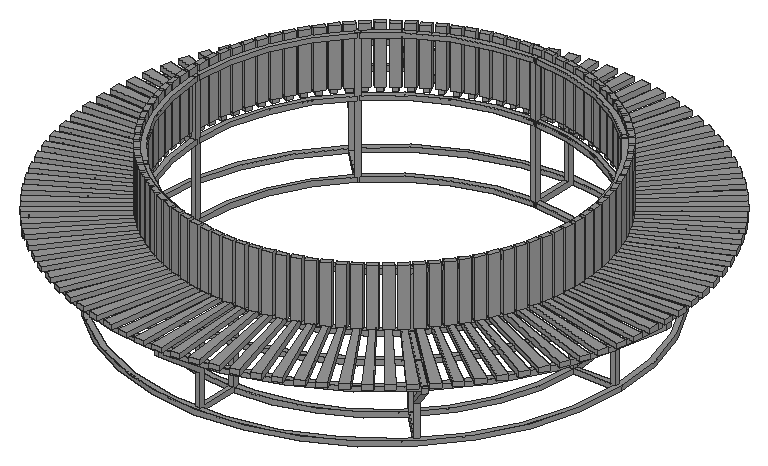
Revit family "Скамейка стальная «Диван круглый» Арт 11354", category Антураж, Revit 2018 (continued)
Definition of nested family "Скамейка стальная «Диван круглый» Арт 11354 Боярд"
  Forms (mm)
    Extrusion 17, solid, material <- "Цыет лавки"
      sketch origin (197.5, 890, 0) x (1, 0, 0) y (0, 1, 0)
        loop
          line (1050, 2150) -> (1050, 1659.557) -> (1100, 1659.557) -> (1100, 2150) -> (1050, 2150)
      from 415 to 440
    Extrusion 18, solid, material <- "Цыет лавки"
      sketch origin (-247.5, 0, 0) x (1, 0, 0) y (0, 1, 0)
        loop
          line (1495, 2565) -> (1495, 2540) -> (1545, 2540) -> (1545, 2565) -> (1495, 2565)
      from 440 to 745
    Extrusion 19, solid, material <- "Цыет лавки"
      sketch origin (259.375, 890, 0) x (1, 0, 0) y (0, 1, 0)
        loop
          line (1050, 2150) -> (1050, 1659.557) -> (1100, 1659.557) -> (1100, 2150) -> (1050, 2150)
      from 415 to 440
    Extrusion 20, solid, material <- "Цыет лавки"
      sketch origin (-185.625, 0, 0) x (1, 0, 0) y (0, 1, 0)
        loop
          line (1495, 2565) -> (1495, 2540) -> (1545, 2540) -> (1545, 2565) -> (1495, 2565)
      from 440 to 745
    Extrusion 21, solid, material <- "Цыет лавки"
      sketch origin (321.25, 890, 0) x (1, 0, 0) y (0, 1, 0)
        loop
          line (1050, 2150) -> (1050, 1659.557) -> (1100, 1659.557) -> (1100, 2150) -> (1050, 2150)
      from 415 to 440
    Extrusion 22, solid, material <- "Цыет лавки"
      sketch origin (-123.75, 0, 0) x (1, 0, 0) y (0, 1, 0)
        loop
          line (1495, 2565) -> (1495, 2540) -> (1545, 2540) -> (1545, 2565) -> (1495, 2565)
      from 440 to 745
    Extrusion 23, solid, material <- "Цыет лавки"
      sketch origin (383.125, 890, 0) x (1, 0, 0) y (0, 1, 0)
        loop
          line (1050, 2150) -> (1050, 1659.557) -> (1100, 1659.557) -> (1100, 2150) -> (1050, 2150)
      from 415 to 440
    Extrusion 24, solid, material <- "Цыет лавки"
      sketch origin (-61.875, 0, 0) x (1, 0, 0) y (0, 1, 0)
        loop
          line (1495, 2565) -> (1495, 2540) -> (1545, 2540) -> (1545, 2565) -> (1495, 2565)
      from 440 to 745
    Extrusion 25, solid, material <- "Цыет лавки"
      sketch origin (445, 890, 0) x (1, 0, 0) y (0, 1, 0)
        loop
          line (1050, 2150) -> (1050, 1659.557) -> (1100, 1659.557) -> (1100, 2150) -> (1050, 2150)
      from 415 to 440
    Extrusion 26, solid, material <- "Цыет лавки"
      sketch origin (0, 0, 0) x (1, 0, 0) y (0, 1, 0)
        loop
          line (1495, 2565) -> (1495, 2540) -> (1545, 2540) -> (1545, 2565) -> (1495, 2565)
      from 440 to 745
    Extrusion 27, solid, material <- "Цыет лавки"
      sketch origin (506.875, 890, 0) x (1, 0, 0) y (0, 1, 0)
        loop
          line (1050, 2150) -> (1050, 1659.557) -> (1100, 1659.557) -> (1100, 2150) -> (1050, 2150)
      from 415 to 440
    Extrusion 28, solid, material <- "Цыет лавки"
      sketch origin (61.875, 0, 0) x (1, 0, 0) y (0, 1, 0)
        loop
          line (1495, 2565) -> (1495, 2540) -> (1545, 2540) -> (1545, 2565) -> (1495, 2565)
      from 440 to 745
    Extrusion 29, solid, material <- "Цыет лавки"
      sketch origin (568.75, 890, 0) x (1, 0, 0) y (0, 1, 0)
        loop
          line (1050, 2150) -> (1050, 1659.557) -> (1100, 1659.557) -> (1100, 2150) -> (1050, 2150)
      from 415 to 440
    Extrusion 30, solid, material <- "Цыет лавки"
      sketch origin (123.75, 0, 0) x (1, 0, 0) y (0, 1, 0)
        loop
          line (1495, 2565) -> (1495, 2540) -> (1545, 2540) -> (1545, 2565) -> (1495, 2565)
      from 440 to 745
    Extrusion 31, solid, material <- "Цыет лавки"
      sketch origin (630.625, 890, 0) x (1, 0, 0) y (0, 1, 0)
        loop
          line (1050, 2150) -> (1050, 1659.557) -> (1100, 1659.557) -> (1100, 2150) -> (1050, 2150)
      from 415 to 440
    Extrusion 32, solid, material <- "Цыет лавки"
      sketch origin (185.625, 0, 0) x (1, 0, 0) y (0, 1, 0)
        loop
          line (1495, 2565) -> (1495, 2540) -> (1545, 2540) -> (1545, 2565) -> (1495, 2565)
      from 440 to 745
    Extrusion 33, solid, material <- "Цыет лавки"
      sketch origin (692.5, 890, 0) x (1, 0, 0) y (0, 1, 0)
        loop
          line (1050, 2150) -> (1050, 1659.557) -> (1100, 1659.557) -> (1100, 2150) -> (1050, 2150)
      from 415 to 440
    Extrusion 34, solid, material <- "Цыет лавки"
      sketch origin (247.5, 0, 0) x (1, 0, 0) y (0, 1, 0)
        loop
          line (1495, 2565) -> (1495, 2540) -> (1545, 2540) -> (1545, 2565) -> (1495, 2565)
      from 440 to 745
    Extrusion 35, solid, material <- "Цыет лавки"
      sketch origin (754.375, 890, 0) x (1, 0, 0) y (0, 1, 0)
        loop
          line (1050, 2150) -> (1050, 1659.557) -> (1100, 1659.557) -> (1100, 2150) -> (1050, 2150)
      from 415 to 440
    Extrusion 36, solid, material <- "Цыет лавки"
      sketch origin (309.375, 0, 0) x (1, 0, 0) y (0, 1, 0)
        loop
          line (1495, 2565) -> (1495, 2540) -> (1545, 2540) -> (1545, 2565) -> (1495, 2565)
      from 440 to 745
    Extrusion 37, solid, material <- "Цыет лавки"
      sketch origin (816.25, 890, 0) x (1, 0, 0) y (0, 1, 0)
        loop
          line (1050, 2150) -> (1050, 1659.557) -> (1100, 1659.557) -> (1100, 2150) -> (1050, 2150)
      from 415 to 440
    Extrusion 38, solid, material <- "Цыет лавки"
      sketch origin (371.25, 0, 0) x (1, 0, 0) y (0, 1, 0)
        loop
          line (1495, 2565) -> (1495, 2540) -> (1545, 2540) -> (1545, 2565) -> (1495, 2565)
      from 440 to 745
    Extrusion 39, solid, material <- "Цыет лавки"
      sketch origin (878.125, 890, 0) x (1, 0, 0) y (0, 1, 0)
        loop
          line (1050, 2150) -> (1050, 1659.557) -> (1100, 1659.557) -> (1100, 2150) -> (1050, 2150)
      from 415 to 440
    Extrusion 40, solid, material <- "Цыет лавки"
      sketch origin (433.125, 0, 0) x (1, 0, 0) y (0, 1, 0)
        loop
          line (1495, 2565) -> (1495, 2540) -> (1545, 2540) -> (1545, 2565) -> (1495, 2565)
      from 440 to 745
    Extrusion 41, solid, material <- "Цвет опор"
      sketch origin (495, 3040, 0) x (0, -1, 0) y (0, 0, -1)
        loop
          line (525.487, 0) -> (275, 0) -> (275, -195) -> (0, -390) -> (0, -415) -> (500.443, -415) -> (500.443, -715) -> (525.487, -715) -> (525.487, 0)
        loop
          line (275, -390) -> (275, -225.647) -> (43.221, -390) -> (275, -390)
        loop
          line (300, -25) -> (300, -390) -> (500.443, -390) -> (500.443, -25) -> (300, -25)
      from 1507.5 to 1532.5
    Extrusion 42, solid, material <- "Цыет лавки"
      sketch origin (-50, 2150, 0) x (1, 0, 0) y (0, 1, 0)
        loop
          line (1050, -2150) -> (1100, -2150) -> (1100, -1659.557) -> (1050, -1659.557) -> (1050, -2150)
      from 415 to 440
    Extrusion 43, solid, material <- "Цыет лавки"
      sketch origin (-495, 3040, 0) x (1, 0, 0) y (0, 1, 0)
        loop
          line (1495, -2565) -> (1545, -2565) -> (1545, -2540) -> (1495, -2540) -> (1495, -2565)
      from 440 to 745
    Extrusion 44, solid, material <- "Цыет лавки"
      sketch origin (940, 2150, 0) x (1, 0, 0) y (0, 1, 0)
        loop
          line (1050, -2150) -> (1100, -2150) -> (1100, -1659.557) -> (1050, -1659.557) -> (1050, -2150)
      from 415 to 440
    Extrusion 45, solid, material <- "Цыет лавки"
      sketch origin (495, 3040, 0) x (1, 0, 0) y (0, 1, 0)
        loop
          line (1495, -2565) -> (1545, -2565) -> (1545, -2540) -> (1495, -2540) -> (1495, -2565)
      from 440 to 745
    Extrusion 46, solid, material <- "Цыет лавки"
      sketch origin (11.875, 2150, 0) x (1, 0, 0) y (0, 1, 0)
        loop
          line (1050, -2150) -> (1100, -2150) -> (1100, -1659.557) -> (1050, -1659.557) -> (1050, -2150)
      from 415 to 440
    Extrusion 47, solid, material <- "Цыет лавки"
      sketch origin (-433.125, 3040, 0) x (1, 0, 0) y (0, 1, 0)
        loop
          line (1495, -2565) -> (1545, -2565) -> (1545, -2540) -> (1495, -2540) -> (1495, -2565)
      from 440 to 745
    Extrusion 48, solid, material <- "Цыет лавки"
      sketch origin (73.75, 2150, 0) x (1, 0, 0) y (0, 1, 0)
        loop
          line (1050, -2150) -> (1100, -2150) -> (1100, -1659.557) -> (1050, -1659.557) -> (1050, -2150)
      from 415 to 440
    Extrusion 49, solid, material <- "Цыет лавки"
      sketch origin (-371.25, 3040, 0) x (1, 0, 0) y (0, 1, 0)
        loop
          line (1495, -2565) -> (1545, -2565) -> (1545, -2540) -> (1495, -2540) -> (1495, -2565)
      from 440 to 745
    Extrusion 50, solid, material <- "Цыет лавки"
      sketch origin (135.625, 2150, 0) x (1, 0, 0) y (0, 1, 0)
        loop
          line (1050, -2150) -> (1100, -2150) -> (1100, -1659.557) -> (1050, -1659.557) -> (1050, -2150)
      from 415 to 440
    Extrusion 51, solid, material <- "Цыет лавки"
      sketch origin (-309.375, 3040, 0) x (1, 0, 0) y (0, 1, 0)
        loop
          line (1495, -2565) -> (1545, -2565) -> (1545, -2540) -> (1495, -2540) -> (1495, -2565)
      from 440 to 745
    Extrusion 52, solid, material <- "Цыет лавки"
      sketch origin (197.5, 2150, 0) x (1, 0, 0) y (0, 1, 0)
        loop
          line (1050, -2150) -> (1100, -2150) -> (1100, -1659.557) -> (1050, -1659.557) -> (1050, -2150)
      from 415 to 440
    Extrusion 53, solid, material <- "Цыет лавки"
      sketch origin (-247.5, 3040, 0) x (1, 0, 0) y (0, 1, 0)
        loop
          line (1495, -2565) -> (1545, -2565) -> (1545, -2540) -> (1495, -2540) -> (1495, -2565)
      from 440 to 745
    Extrusion 54, solid, material <- "Цыет лавки"
      sketch origin (259.375, 2150, 0) x (1, 0, 0) y (0, 1, 0)
        loop
          line (1050, -2150) -> (1100, -2150) -> (1100, -1659.557) -> (1050, -1659.557) -> (1050, -2150)
      from 415 to 440
    Extrusion 55, solid, material <- "Цыет лавки"
      sketch origin (-185.625, 3040, 0) x (1, 0, 0) y (0, 1, 0)
        loop
          line (1495, -2565) -> (1545, -2565) -> (1545, -2540) -> (1495, -2540) -> (1495, -2565)
      from 440 to 745
    Extrusion 56, solid, material <- "Цыет лавки"
      sketch origin (321.25, 2150, 0) x (1, 0, 0) y (0, 1, 0)
        loop
          line (1050, -2150) -> (1100, -2150) -> (1100, -1659.557) -> (1050, -1659.557) -> (1050, -2150)
      from 415 to 440
    Extrusion 57, solid, material <- "Цыет лавки"
      sketch origin (-123.75, 3040, 0) x (1, 0, 0) y (0, 1, 0)
        loop
          line (1495, -2565) -> (1545, -2565) -> (1545, -2540) -> (1495, -2540) -> (1495, -2565)
      from 440 to 745
    Extrusion 58, solid, material <- "Цыет лавки"
      sketch origin (383.125, 2150, 0) x (1, 0, 0) y (0, 1, 0)
        loop
          line (1050, -2150) -> (1100, -2150) -> (1100, -1659.557) -> (1050, -1659.557) -> (1050, -2150)
      from 415 to 440
    Extrusion 59, solid, material <- "Цыет лавки"
      sketch origin (-61.875, 3040, 0) x (1, 0, 0) y (0, 1, 0)
        loop
          line (1495, -2565) -> (1545, -2565) -> (1545, -2540) -> (1495, -2540) -> (1495, -2565)
      from 440 to 745
    Extrusion 60, solid, material <- "Цыет лавки"
      sketch origin (445, 2150, 0) x (1, 0, 0) y (0, 1, 0)
        loop
          line (1050, -2150) -> (1100, -2150) -> (1100, -1659.557) -> (1050, -1659.557) -> (1050, -2150)
      from 415 to 440
    Extrusion 61, solid, material <- "Цыет лавки"
      sketch origin (0, 3040, 0) x (1, 0, 0) y (0, 1, 0)
        loop
          line (1495, -2565) -> (1545, -2565) -> (1545, -2540) -> (1495, -2540) -> (1495, -2565)
      from 440 to 745
    Extrusion 62, solid, material <- "Цыет лавки"
      sketch origin (506.875, 2150, 0) x (1, 0, 0) y (0, 1, 0)
        loop
          line (1050, -2150) -> (1100, -2150) -> (1100, -1659.557) -> (1050, -1659.557) -> (1050, -2150)
      from 415 to 440
    Extrusion 63, solid, material <- "Цыет лавки"
      sketch origin (61.875, 3040, 0) x (1, 0, 0) y (0, 1, 0)
        loop
          line (1495, -2565) -> (1545, -2565) -> (1545, -2540) -> (1495, -2540) -> (1495, -2565)
      from 440 to 745
    Extrusion 64, solid, material <- "Цыет лавки"
      sketch origin (568.75, 2150, 0) x (1, 0, 0) y (0, 1, 0)
        loop
          line (1050, -2150) -> (1100, -2150) -> (1100, -1659.557) -> (1050, -1659.557) -> (1050, -2150)
      from 415 to 440
    Extrusion 65, solid, material <- "Цыет лавки"
      sketch origin (123.75, 3040, 0) x (1, 0, 0) y (0, 1, 0)
        loop
          line (1495, -2565) -> (1545, -2565) -> (1545, -2540) -> (1495, -2540) -> (1495, -2565)
      from 440 to 745
    Extrusion 66, solid, material <- "Цыет лавки"
      sketch origin (630.625, 2150, 0) x (1, 0, 0) y (0, 1, 0)
        loop
          line (1050, -2150) -> (1100, -2150) -> (1100, -1659.557) -> (1050, -1659.557) -> (1050, -2150)
      from 415 to 440
    Extrusion 67, solid, material <- "Цыет лавки"
      sketch origin (185.625, 3040, 0) x (1, 0, 0) y (0, 1, 0)
        loop
          line (1495, -2565) -> (1545, -2565) -> (1545, -2540) -> (1495, -2540) -> (1495, -2565)
      from 440 to 745
    Extrusion 68, solid, material <- "Цыет лавки"
      sketch origin (692.5, 2150, 0) x (1, 0, 0) y (0, 1, 0)
        loop
          line (1050, -2150) -> (1100, -2150) -> (1100, -1659.557) -> (1050, -1659.557) -> (1050, -2150)
      from 415 to 440
    Extrusion 69, solid, material <- "Цыет лавки"
      sketch origin (247.5, 3040, 0) x (1, 0, 0) y (0, 1, 0)
        loop
          line (1495, -2565) -> (1545, -2565) -> (1545, -2540) -> (1495, -2540) -> (1495, -2565)
      from 440 to 745
    Extrusion 70, solid, material <- "Цыет лавки"
      sketch origin (754.375, 2150, 0) x (1, 0, 0) y (0, 1, 0)
        loop
          line (1050, -2150) -> (1100, -2150) -> (1100, -1659.557) -> (1050, -1659.557) -> (1050, -2150)
      from 415 to 440
    Extrusion 71, solid, material <- "Цыет лавки"
      sketch origin (309.375, 3040, 0) x (1, 0, 0) y (0, 1, 0)
        loop
          line (1495, -2565) -> (1545, -2565) -> (1545, -2540) -> (1495, -2540) -> (1495, -2565)
      from 440 to 745
    Extrusion 72, solid, material <- "Цыет лавки"
      sketch origin (816.25, 2150, 0) x (1, 0, 0) y (0, 1, 0)
        loop
          line (1050, -2150) -> (1100, -2150) -> (1100, -1659.557) -> (1050, -1659.557) -> (1050, -2150)
      from 415 to 440
    Extrusion 73, solid, material <- "Цыет лавки"
      sketch origin (371.25, 3040, 0) x (1, 0, 0) y (0, 1, 0)
        loop
          line (1495, -2565) -> (1545, -2565) -> (1545, -2540) -> (1495, -2540) -> (1495, -2565)
      from 440 to 745
    Extrusion 74, solid, material <- "Цыет лавки"
      sketch origin (878.125, 2150, 0) x (1, 0, 0) y (0, 1, 0)
        loop
          line (1050, -2150) -> (1100, -2150) -> (1100, -1659.557) -> (1050, -1659.557) -> (1050, -2150)
      from 415 to 440
    Extrusion 75, solid, material <- "Цыет лавки"
      sketch origin (433.125, 3040, 0) x (1, 0, 0) y (0, 1, 0)
        loop
          line (1495, -2565) -> (1545, -2565) -> (1545, -2540) -> (1495, -2540) -> (1495, -2565)
      from 440 to 745
    Extrusion 76, solid, material <- "Цвет опор"
      sketch origin (-495, 0, 0) x (0, 1, 0) y (0, 0, 1)
        loop
          line (525.487, 0) -> (525.487, 715) -> (500.443, 715) -> (500.443, 415) -> (0, 415) -> (0, 390) -> (275, 195) -> (275, 0) -> (525.487, 0)
        loop
          line (275, 390) -> (43.221, 390) -> (275, 225.647) -> (275, 390)
        loop
          line (300, 25) -> (500.443, 25) -> (500.443, 390) -> (300, 390) -> (300, 25)
      from 1507.5 to 1532.5
    Extrusion 77, solid, material <- "Цвет опор"
      sketch origin (495, 0, 0) x (0, 1, 0) y (0, 0, 1)
        loop
          line (525.487, 0) -> (525.487, 715) -> (500.443, 715) -> (500.443, 415) -> (0, 415) -> (0, 390) -> (275, 195) -> (275, 0) -> (525.487, 0)
        loop
          line (275, 390) -> (43.221, 390) -> (275, 225.647) -> (275, 390)
        loop
          line (300, 25) -> (500.443, 25) -> (500.443, 390) -> (300, 390) -> (300, 25)
      from 1507.5 to 1532.5
    Extrusion 78, solid, material <- "Цыет лавки"
      sketch origin (890, 3090, 0) x (0, -1, 0) y (1, 0, 0)
        loop
          line (1050, 2150) -> (1050, 1659.557) -> (1100, 1659.557) -> (1100, 2150) -> (1050, 2150)
      from 415 to 440
    Extrusion 79, solid, material <- "Цвет опор"
      sketch origin (3040, 3535, 0) x (-1, 0, 0) y (0, 0, -1)
        loop
          line (525.487, 0) -> (275, 0) -> (275, -195) -> (0, -390) -> (0, -415) -> (500.443, -415) -> (500.443, -715) -> (525.487, -715) -> (525.487, 0)
        loop
          line (275, -390) -> (275, -225.647) -> (43.221, -390) -> (275, -390)
        loop
          line (300, -25) -> (300, -390) -> (500.443, -390) -> (500.443, -25) -> (300, -25)
      from 1507.5 to 1532.5
    Extrusion 80, solid, material <- "Цыет лавки"
      sketch origin (890, 2100, 0) x (0, -1, 0) y (1, 0, 0)
        loop
          line (1050, 2150) -> (1050, 1659.557) -> (1100, 1659.557) -> (1100, 2150) -> (1050, 2150)
      from 415 to 440
    Extrusion 81, solid, material <- "Цыет лавки"
      sketch origin (890, 3028.125, 0) x (0, -1, 0) y (1, 0, 0)
        loop
          line (1050, 2150) -> (1050, 1659.557) -> (1100, 1659.557) -> (1100, 2150) -> (1050, 2150)
      from 415 to 440
    Extrusion 82, solid, material <- "Цыет лавки"
      sketch origin (890, 2966.25, 0) x (0, -1, 0) y (1, 0, 0)
        loop
          line (1050, 2150) -> (1050, 1659.557) -> (1100, 1659.557) -> (1100, 2150) -> (1050, 2150)
      from 415 to 440
    Extrusion 83, solid, material <- "Цыет лавки"
      sketch origin (890, 2904.375, 0) x (0, -1, 0) y (1, 0, 0)
        loop
          line (1050, 2150) -> (1050, 1659.557) -> (1100, 1659.557) -> (1100, 2150) -> (1050, 2150)
      from 415 to 440
    Extrusion 84, solid, material <- "Цыет лавки"
      sketch origin (890, 2842.5, 0) x (0, -1, 0) y (1, 0, 0)
        loop
          line (1050, 2150) -> (1050, 1659.557) -> (1100, 1659.557) -> (1100, 2150) -> (1050, 2150)
      from 415 to 440
    Extrusion 85, solid, material <- "Цыет лавки"
      sketch origin (890, 2780.625, 0) x (0, -1, 0) y (1, 0, 0)
        loop
          line (1050, 2150) -> (1050, 1659.557) -> (1100, 1659.557) -> (1100, 2150) -> (1050, 2150)
      from 415 to 440
    Extrusion 86, solid, material <- "Цыет лавки"
      sketch origin (890, 2718.75, 0) x (0, -1, 0) y (1, 0, 0)
        loop
          line (1050, 2150) -> (1050, 1659.557) -> (1100, 1659.557) -> (1100, 2150) -> (1050, 2150)
      from 415 to 440
    Extrusion 87, solid, material <- "Цыет лавки"
      sketch origin (890, 2656.875, 0) x (0, -1, 0) y (1, 0, 0)
        loop
          line (1050, 2150) -> (1050, 1659.557) -> (1100, 1659.557) -> (1100, 2150) -> (1050, 2150)
      from 415 to 440
    Extrusion 88, solid, material <- "Цыет лавки"
      sketch origin (890, 2595, 0) x (0, -1, 0) y (1, 0, 0)
        loop
          line (1050, 2150) -> (1050, 1659.557) -> (1100, 1659.557) -> (1100, 2150) -> (1050, 2150)
      from 415 to 440
    Extrusion 89, solid, material <- "Цыет лавки"
      sketch origin (890, 2533.125, 0) x (0, -1, 0) y (1, 0, 0)
        loop
          line (1050, 2150) -> (1050, 1659.557) -> (1100, 1659.557) -> (1100, 2150) -> (1050, 2150)
      from 415 to 440
    Extrusion 90, solid, material <- "Цыет лавки"
      sketch origin (890, 2471.25, 0) x (0, -1, 0) y (1, 0, 0)
        loop
          line (1050, 2150) -> (1050, 1659.557) -> (1100, 1659.557) -> (1100, 2150) -> (1050, 2150)
      from 415 to 440
    Extrusion 91, solid, material <- "Цыет лавки"
      sketch origin (890, 2409.375, 0) x (0, -1, 0) y (1, 0, 0)
        loop
          line (1050, 2150) -> (1050, 1659.557) -> (1100, 1659.557) -> (1100, 2150) -> (1050, 2150)
      from 415 to 440
    Extrusion 92, solid, material <- "Цыет лавки"
      sketch origin (890, 2347.5, 0) x (0, -1, 0) y (1, 0, 0)
        loop
          line (1050, 2150) -> (1050, 1659.557) -> (1100, 1659.557) -> (1100, 2150) -> (1050, 2150)
      from 415 to 440
    Extrusion 93, solid, material <- "Цыет лавки"
      sketch origin (890, 2285.625, 0) x (0, -1, 0) y (1, 0, 0)
        loop
          line (1050, 2150) -> (1050, 1659.557) -> (1100, 1659.557) -> (1100, 2150) -> (1050, 2150)
      from 415 to 440
    Extrusion 94, solid, material <- "Цыет лавки"
      sketch origin (890, 2223.75, 0) x (0, -1, 0) y (1, 0, 0)
        loop
          line (1050, 2150) -> (1050, 1659.557) -> (1100, 1659.557) -> (1100, 2150) -> (1050, 2150)
      from 415 to 440
    Extrusion 95, solid, material <- "Цыет лавки"
      sketch origin (890, 2161.875, 0) x (0, -1, 0) y (1, 0, 0)
        loop
          line (1050, 2150) -> (1050, 1659.557) -> (1100, 1659.557) -> (1100, 2150) -> (1050, 2150)
      from 415 to 440
    Extrusion 96, solid, material <- "Цвет опор"
      sketch origin (3040, 2545, 0) x (-1, 0, 0) y (0, 0, -1)
        loop
          line (525.487, 0) -> (275, 0) -> (275, -195) -> (0, -390) -> (0, -415) -> (500.443, -415) -> (500.443, -715) -> (525.487, -715) -> (525.487, 0)
        loop
          line (275, -390) -> (275, -225.647) -> (43.221, -390) -> (275, -390)
        loop
          line (300, -25) -> (300, -390) -> (500.443, -390) -> (500.443, -25) -> (300, -25)
      from 1507.5 to 1532.5
    Extrusion 97, solid, material <- "Цыет лавки"
      sketch origin (2150, 3090, 0) x (0, -1, 0) y (1, 0, 0)
        loop
          line (1050, -2150) -> (1100, -2150) -> (1100, -1659.557) -> (1050, -1659.557) -> (1050, -2150)
      from 415 to 440
    Extrusion 98, solid, material <- "Цыет лавки"
      sketch origin (2150, 2100, 0) x (0, -1, 0) y (1, 0, 0)
        loop
          line (1050, -2150) -> (1100, -2150) -> (1100, -1659.557) -> (1050, -1659.557) -> (1050, -2150)
      from 415 to 440
    Extrusion 99, solid, material <- "Цыет лавки"
      sketch origin (2150, 3028.125, 0) x (0, -1, 0) y (1, 0, 0)
        loop
          line (1050, -2150) -> (1100, -2150) -> (1100, -1659.557) -> (1050, -1659.557) -> (1050, -2150)
      from 415 to 440
    Extrusion 100, solid, material <- "Цыет лавки"
      sketch origin (2150, 2966.25, 0) x (0, -1, 0) y (1, 0, 0)
        loop
          line (1050, -2150) -> (1100, -2150) -> (1100, -1659.557) -> (1050, -1659.557) -> (1050, -2150)
      from 415 to 440
    Extrusion 101, solid, material <- "Цыет лавки"
      sketch origin (2150, 2904.375, 0) x (0, -1, 0) y (1, 0, 0)
        loop
          line (1050, -2150) -> (1100, -2150) -> (1100, -1659.557) -> (1050, -1659.557) -> (1050, -2150)
      from 415 to 440
    Extrusion 102, solid, material <- "Цыет лавки"
      sketch origin (2150, 2842.5, 0) x (0, -1, 0) y (1, 0, 0)
        loop
          line (1050, -2150) -> (1100, -2150) -> (1100, -1659.557) -> (1050, -1659.557) -> (1050, -2150)
      from 415 to 440
    Extrusion 103, solid, material <- "Цыет лавки"
      sketch origin (2150, 2780.625, 0) x (0, -1, 0) y (1, 0, 0)
        loop
          line (1050, -2150) -> (1100, -2150) -> (1100, -1659.557) -> (1050, -1659.557) -> (1050, -2150)
      from 415 to 440
    Extrusion 104, solid, material <- "Цыет лавки"
      sketch origin (2150, 2718.75, 0) x (0, -1, 0) y (1, 0, 0)
        loop
          line (1050, -2150) -> (1100, -2150) -> (1100, -1659.557) -> (1050, -1659.557) -> (1050, -2150)
      from 415 to 440
    Extrusion 105, solid, material <- "Цыет лавки"
      sketch origin (2150, 2656.875, 0) x (0, -1, 0) y (1, 0, 0)
        loop
          line (1050, -2150) -> (1100, -2150) -> (1100, -1659.557) -> (1050, -1659.557) -> (1050, -2150)
      from 415 to 440
    Extrusion 106, solid, material <- "Цыет лавки"
      sketch origin (2150, 2595, 0) x (0, -1, 0) y (1, 0, 0)
        loop
          line (1050, -2150) -> (1100, -2150) -> (1100, -1659.557) -> (1050, -1659.557) -> (1050, -2150)
      from 415 to 440
    Extrusion 107, solid, material <- "Цыет лавки"
      sketch origin (2150, 2533.125, 0) x (0, -1, 0) y (1, 0, 0)
        loop
          line (1050, -2150) -> (1100, -2150) -> (1100, -1659.557) -> (1050, -1659.557) -> (1050, -2150)
      from 415 to 440
    Extrusion 108, solid, material <- "Цыет лавки"
      sketch origin (2150, 2471.25, 0) x (0, -1, 0) y (1, 0, 0)
        loop
          line (1050, -2150) -> (1100, -2150) -> (1100, -1659.557) -> (1050, -1659.557) -> (1050, -2150)
      from 415 to 440
    Extrusion 109, solid, material <- "Цыет лавки"
      sketch origin (2150, 2409.375, 0) x (0, -1, 0) y (1, 0, 0)
        loop
          line (1050, -2150) -> (1100, -2150) -> (1100, -1659.557) -> (1050, -1659.557) -> (1050, -2150)
      from 415 to 440
    Extrusion 110, solid, material <- "Цыет лавки"
      sketch origin (2150, 2347.5, 0) x (0, -1, 0) y (1, 0, 0)
        loop
          line (1050, -2150) -> (1100, -2150) -> (1100, -1659.557) -> (1050, -1659.557) -> (1050, -2150)
      from 415 to 440
    Extrusion 111, solid, material <- "Цыет лавки"
      sketch origin (2150, 2285.625, 0) x (0, -1, 0) y (1, 0, 0)
        loop
          line (1050, -2150) -> (1100, -2150) -> (1100, -1659.557) -> (1050, -1659.557) -> (1050, -2150)
      from 415 to 440
    Extrusion 112, solid, material <- "Цыет лавки"
      sketch origin (2150, 2223.75, 0) x (0, -1, 0) y (1, 0, 0)
        loop
          line (1050, -2150) -> (1100, -2150) -> (1100, -1659.557) -> (1050, -1659.557) -> (1050, -2150)
      from 415 to 440
    Extrusion 113, solid, material <- "Цыет лавки"
      sketch origin (2150, 2161.875, 0) x (0, -1, 0) y (1, 0, 0)
        loop
          line (1050, -2150) -> (1100, -2150) -> (1100, -1659.557) -> (1050, -1659.557) -> (1050, -2150)
      from 415 to 440
    Extrusion 114, solid, material <- "Цвет опор"
      sketch origin (0, 3535, 0) x (1, 0, 0) y (0, 0, 1)
        loop
          line (525.487, 0) -> (525.487, 715) -> (500.443, 715) -> (500.443, 415) -> (0, 415) -> (0, 390) -> (275, 195) -> (275, 0) -> (525.487, 0)
        loop
          line (275, 390) -> (43.221, 390) -> (275, 225.647) -> (275, 390)
        loop
          line (300, 25) -> (500.443, 25) -> (500.443, 390) -> (300, 390) -> (300, 25)
      from 1507.5 to 1532.5
    Extrusion 115, solid, material <- "Цвет опор"
      sketch origin (0, 2545, 0) x (1, 0, 0) y (0, 0, 1)
        loop
          line (525.487, 0) -> (525.487, 715) -> (500.443, 715) -> (500.443, 415) -> (0, 415) -> (0, 390) -> (275, 195) -> (275, 0) -> (525.487, 0)
        loop
          line (275, 390) -> (43.221, 390) -> (275, 225.647) -> (275, 390)
        loop
          line (300, 25) -> (500.443, 25) -> (500.443, 390) -> (300, 390) -> (300, 25)
      from 1507.5 to 1532.5
    Extrusion 116, solid, material <- "Цыет лавки"
      sketch origin (-111.875, 890, 0) x (1, 0, 0) y (0, 1, 0)
        loop
          line (1050, 2150) -> (1050, 1659.557) -> (1100, 1659.557) -> (1100, 2150) -> (1050, 2150)
      from 415 to 440
    Extrusion 117, solid, material <- "Цыет лавки"
      sketch origin (-556.875, 0, 0) x (1, 0, 0) y (0, 1, 0)
        loop
          line (1495, 2565) -> (1495, 2540) -> (1545, 2540) -> (1545, 2565) -> (1495, 2565)
      from 440 to 745
    Extrusion 118, solid, material <- "Цвет опор"
      sketch origin (-556.875, 3040, 0) x (0, -1, 0) y (0, 0, -1)
        loop
          line (525.487, 0) -> (275, 0) -> (275, -195) -> (0, -390) -> (0, -415) -> (500.443, -415) -> (500.443, -715) -> (525.487, -715) -> (525.487, 0)
        loop
          line (275, -390) -> (275, -225.647) -> (43.221, -390) -> (275, -390)
        loop
          line (300, -25) -> (300, -390) -> (500.443, -390) -> (500.443, -25) -> (300, -25)
      from 1507.5 to 1532.5
    Extrusion 119, solid, material <- "Цыет лавки"
      sketch origin (1001.875, 890, 0) x (1, 0, 0) y (0, 1, 0)
        loop
          line (1050, 2150) -> (1050, 1659.557) -> (1100, 1659.557) -> (1100, 2150) -> (1050, 2150)
      from 415 to 440
    Extrusion 120, solid, material <- "Цвет опор"
      sketch origin (556.875, 3040, 0) x (0, -1, 0) y (0, 0, -1)
        loop
          line (525.487, 0) -> (275, 0) -> (275, -195) -> (0, -390) -> (0, -415) -> (500.443, -415) -> (500.443, -715) -> (525.487, -715) -> (525.487, 0)
        loop
          line (275, -390) -> (275, -225.647) -> (43.221, -390) -> (275, -390)
        loop
          line (300, -25) -> (300, -390) -> (500.443, -390) -> (500.443, -25) -> (300, -25)
      from 1507.5 to 1532.5
    Extrusion 121, solid, material <- "Цыет лавки"
      sketch origin (-111.875, 2150, 0) x (1, 0, 0) y (0, 1, 0)
        loop
          line (1050, -2150) -> (1100, -2150) -> (1100, -1659.557) -> (1050, -1659.557) -> (1050, -2150)
      from 415 to 440
    Extrusion 122, solid, material <- "Цвет опор"
      sketch origin (-556.875, 0, 0) x (0, 1, 0) y (0, 0, 1)
        loop
          line (525.487, 0) -> (525.487, 715) -> (500.443, 715) -> (500.443, 415) -> (0, 415) -> (0, 390) -> (275, 195) -> (275, 0) -> (525.487, 0)
        loop
          line (275, 390) -> (43.221, 390) -> (275, 225.647) -> (275, 390)
        loop
          line (300, 25) -> (500.443, 25) -> (500.443, 390) -> (300, 390) -> (300, 25)
      from 1507.5 to 1532.5
    Extrusion 123, solid, material <- "Цыет лавки"
      sketch origin (1001.875, 2150, 0) x (1, 0, 0) y (0, 1, 0)
        loop
          line (1050, -2150) -> (1100, -2150) -> (1100, -1659.557) -> (1050, -1659.557) -> (1050, -2150)
      from 415 to 440
    Extrusion 124, solid, material <- "Цвет опор"
      sketch origin (556.875, 0, 0) x (0, 1, 0) y (0, 0, 1)
        loop
          line (525.487, 0) -> (525.487, 715) -> (500.443, 715) -> (500.443, 415) -> (0, 415) -> (0, 390) -> (275, 195) -> (275, 0) -> (525.487, 0)
        loop
          line (275, 390) -> (43.221, 390) -> (275, 225.647) -> (275, 390)
        loop
          line (300, 25) -> (500.443, 25) -> (500.443, 390) -> (300, 390) -> (300, 25)
      from 1507.5 to 1532.5
    Extrusion 125, solid, material <- "Цыет лавки"
      sketch origin (890, 3151.875, 0) x (0, -1, 0) y (1, 0, 0)
        loop
          line (1050, 2150) -> (1050, 1659.557) -> (1100, 1659.557) -> (1100, 2150) -> (1050, 2150)
      from 415 to 440
    Extrusion 126, solid, material <- "Цвет опор"
      sketch origin (3040, 3596.875, 0) x (-1, 0, 0) y (0, 0, -1)
        loop
          line (525.487, 0) -> (275, 0) -> (275, -195) -> (0, -390) -> (0, -415) -> (500.443, -415) -> (500.443, -715) -> (525.487, -715) -> (525.487, 0)
        loop
          line (275, -390) -> (275, -225.647) -> (43.221, -390) -> (275, -390)
        loop
          line (300, -25) -> (300, -390) -> (500.443, -390) -> (500.443, -25) -> (300, -25)
      from 1507.5 to 1532.5
    Extrusion 127, solid, material <- "Цыет лавки"
      sketch origin (890, 2038.125, 0) x (0, -1, 0) y (1, 0, 0)
        loop
          line (1050, 2150) -> (1050, 1659.557) -> (1100, 1659.557) -> (1100, 2150) -> (1050, 2150)
      from 415 to 440
    Extrusion 128, solid, material <- "Цвет опор"
      sketch origin (3040, 2483.125, 0) x (-1, 0, 0) y (0, 0, -1)
        loop
          line (525.487, 0) -> (275, 0) -> (275, -195) -> (0, -390) -> (0, -415) -> (500.443, -415) -> (500.443, -715) -> (525.487, -715) -> (525.487, 0)
        loop
          line (275, -390) -> (275, -225.647) -> (43.221, -390) -> (275, -390)
        loop
          line (300, -25) -> (300, -390) -> (500.443, -390) -> (500.443, -25) -> (300, -25)
      from 1507.5 to 1532.5
    Extrusion 129, solid, material <- "Цыет лавки"
      sketch origin (2150, 3151.875, 0) x (0, -1, 0) y (1, 0, 0)
        loop
          line (1050, -2150) -> (1100, -2150) -> (1100, -1659.557) -> (1050, -1659.557) -> (1050, -2150)
      from 415 to 440
    Extrusion 130, solid, material <- "Цвет опор"
      sketch origin (0, 3596.875, 0) x (1, 0, 0) y (0, 0, 1)
        loop
          line (525.487, 0) -> (525.487, 715) -> (500.443, 715) -> (500.443, 415) -> (0, 415) -> (0, 390) -> (275, 195) -> (275, 0) -> (525.487, 0)
        loop
          line (275, 390) -> (43.221, 390) -> (275, 225.647) -> (275, 390)
        loop
          line (300, 25) -> (500.443, 25) -> (500.443, 390) -> (300, 390) -> (300, 25)
      from 1507.5 to 1532.5
    Extrusion 131, solid, material <- "Цыет лавки"
      sketch origin (2150, 2038.125, 0) x (0, -1, 0) y (1, 0, 0)
        loop
          line (1050, -2150) -> (1100, -2150) -> (1100, -1659.557) -> (1050, -1659.557) -> (1050, -2150)
      from 415 to 440
    Extrusion 132, solid, material <- "Цвет опор"
      sketch origin (0, 2483.125, 0) x (1, 0, 0) y (0, 0, 1)
        loop
          line (525.487, 0) -> (525.487, 715) -> (500.443, 715) -> (500.443, 415) -> (0, 415) -> (0, 390) -> (275, 195) -> (275, 0) -> (525.487, 0)
        loop
          line (275, 390) -> (43.221, 390) -> (275, 225.647) -> (275, 390)
        loop
          line (300, 25) -> (500.443, 25) -> (500.443, 390) -> (300, 390) -> (300, 25)
      from 1507.5 to 1532.5
    Extrusion 133, solid, material <- "Цыет лавки"
      sketch origin (2000.582, 846.627, 0) x (0.129754, 0.991546, 0) y (-0.991546, 0.129754, 0)
        loop
          line (1050, 2150) -> (1061.406, 1659.557) -> (1088.594, 1659.557) -> (1100, 2150) -> (1050, 2150)
      from 415 to 440
    Extrusion 134, solid, material <- "Цыет лавки"
      sketch origin (2000.582, 846.627, 0) x (0.129754, 0.991546, 0) y (-0.991546, 0.129754, 0)
        loop
          line (1050, 1674.557) -> (1050, 1649.557) -> (1100, 1649.557) -> (1100, 1674.557) -> (1050, 1674.557)
      from 440 to 745
    Extrusion 135, solid, material <- "Цыет лавки"
      sketch origin (164.716, 693.982, 0) x (0.978611, 0.205721, 0) y (-0.205721, 0.978611, 0)
        loop
          line (1050, 2150) -> (1061.406, 1659.557) -> (1088.594, 1659.557) -> (1100, 2150) -> (1050, 2150)
      from 415 to 440
    Extrusion 136, solid, material <- "Цыет лавки"
      sketch origin (164.716, 693.982, 0) x (0.978611, 0.205721, 0) y (-0.205721, 0.978611, 0)
        loop
          line (1050, 1674.557) -> (1050, 1649.557) -> (1100, 1649.557) -> (1100, 1674.557) -> (1050, 1674.557)
      from 440 to 745
    Extrusion 137, solid, material <- "Цыет лавки"
      sketch origin (272.712, 635.65, 0) x (0.95986, 0.280479, 0) y (-0.280479, 0.95986, 0)
        loop
          line (1050, 2150) -> (1061.406, 1659.557) -> (1088.594, 1659.557) -> (1100, 2150) -> (1050, 2150)
      from 415 to 440
    Extrusion 138, solid, material <- "Цыет лавки"
      sketch origin (272.712, 635.65, 0) x (0.95986, 0.280479, 0) y (-0.280479, 0.95986, 0)
        loop
          line (1050, 1674.557) -> (1050, 1649.557) -> (1100, 1649.557) -> (1100, 1674.557) -> (1050, 1674.557)
      from 440 to 745
    Extrusion 139, solid, material <- "Цыет лавки"
      sketch origin (384.881, 585.808, 0) x (0.935408, 0.35357, 0) y (-0.35357, 0.935408, 0)
        loop
          line (1050, 2150) -> (1061.406, 1659.557) -> (1088.594, 1659.557) -> (1100, 2150) -> (1050, 2150)
      from 415 to 440
    Extrusion 140, solid, material <- "Цыет лавки"
      sketch origin (384.881, 585.808, 0) x (0.935408, 0.35357, 0) y (-0.35357, 0.935408, 0)
        loop
          line (1050, 1674.557) -> (1050, 1649.557) -> (1100, 1649.557) -> (1100, 1674.557) -> (1050, 1674.557)
      from 440 to 745
    Extrusion 141, solid, material <- "Цыет лавки"
      sketch origin (500.555, 544.753, 0) x (0.905399, 0.424561, 0) y (-0.424561, 0.905399, 0)
        loop
          line (1050, 2150) -> (1061.406, 1659.557) -> (1088.594, 1659.557) -> (1100, 2150) -> (1050, 2150)
      from 415 to 440
    Extrusion 142, solid, material <- "Цыет лавки"
      sketch origin (500.555, 544.753, 0) x (0.905399, 0.424561, 0) y (-0.424561, 0.905399, 0)
        loop
          line (1050, 1674.557) -> (1050, 1649.557) -> (1100, 1649.557) -> (1100, 1674.557) -> (1050, 1674.557)
      from 440 to 745
    Extrusion 143, solid, material <- "Цыет лавки"
      sketch origin (619.047, 512.728, 0) x (0.870012, 0.49303, 0) y (-0.49303, 0.870012, 0)
        loop
          line (1050, 2150) -> (1061.406, 1659.557) -> (1088.594, 1659.557) -> (1100, 2150) -> (1050, 2150)
      from 415 to 440
    Extrusion 144, solid, material <- "Цыет лавки"
      sketch origin (619.047, 512.728, 0) x (0.870012, 0.49303, 0) y (-0.49303, 0.870012, 0)
        loop
          line (1050, 1674.557) -> (1050, 1649.557) -> (1100, 1649.557) -> (1100, 1674.557) -> (1050, 1674.557)
      from 440 to 745
    Extrusion 145, solid, material <- "Цыет лавки"
      sketch origin (739.654, 489.925, 0) x (0.829457, 0.558571, 0) y (-0.558571, 0.829457, 0)
        loop
          line (1050, 2150) -> (1061.406, 1659.557) -> (1088.594, 1659.557) -> (1100, 2150) -> (1050, 2150)
      from 415 to 440
    Extrusion 146, solid, material <- "Цыет лавки"
      sketch origin (739.654, 489.925, 0) x (0.829457, 0.558571, 0) y (-0.558571, 0.829457, 0)
        loop
          line (1050, 1674.557) -> (1050, 1649.557) -> (1100, 1649.557) -> (1100, 1674.557) -> (1050, 1674.557)
      from 440 to 745
    Extrusion 147, solid, material <- "Цыет лавки"
      sketch origin (861.659, 476.477, 0) x (0.783975, 0.620793, 0) y (-0.620793, 0.783975, 0)
        loop
          line (1050, 2150) -> (1061.406, 1659.557) -> (1088.594, 1659.557) -> (1100, 2150) -> (1050, 2150)
      from 415 to 440
    Extrusion 148, solid, material <- "Цыет лавки"
      sketch origin (861.659, 476.477, 0) x (0.783975, 0.620793, 0) y (-0.620793, 0.783975, 0)
        loop
          line (1050, 1674.557) -> (1050, 1649.557) -> (1100, 1649.557) -> (1100, 1674.557) -> (1050, 1674.557)
      from 440 to 745
    Extrusion 149, solid, material <- "Цыет лавки"
      sketch origin (984.337, 472.467, 0) x (0.733835, 0.679328, 0) y (-0.679328, 0.733835, 0)
        loop
          line (1050, 2150) -> (1061.406, 1659.557) -> (1088.594, 1659.557) -> (1100, 2150) -> (1050, 2150)
      from 415 to 440
    Extrusion 150, solid, material <- "Цыет лавки"
      sketch origin (984.337, 472.467, 0) x (0.733835, 0.679328, 0) y (-0.679328, 0.733835, 0)
        loop
          line (1050, 1674.557) -> (1050, 1649.557) -> (1100, 1649.557) -> (1100, 1674.557) -> (1050, 1674.557)
      from 440 to 745
    Extrusion 151, solid, material <- "Цыет лавки"
      sketch origin (1106.96, 477.916, 0) x (0.679337, 0.733827, 0) y (-0.733827, 0.679337, 0)
        loop
          line (1050, 2150) -> (1061.406, 1659.557) -> (1088.594, 1659.557) -> (1100, 2150) -> (1050, 2150)
      from 415 to 440
    Extrusion 152, solid, material <- "Цыет лавки"
      sketch origin (1106.96, 477.916, 0) x (0.679337, 0.733827, 0) y (-0.733827, 0.679337, 0)
        loop
          line (1050, 1674.557) -> (1050, 1649.557) -> (1100, 1649.557) -> (1100, 1674.557) -> (1050, 1674.557)
      from 440 to 745
    Extrusion 153, solid, material <- "Цыет лавки"
      sketch origin (1228.799, 492.793, 0) x (0.620803, 0.783967, 0) y (-0.783967, 0.620803, 0)
        loop
          line (1050, 2150) -> (1061.406, 1659.557) -> (1088.594, 1659.557) -> (1100, 2150) -> (1050, 2150)
      from 415 to 440
    Extrusion 154, solid, material <- "Цыет лавки"
      sketch origin (1228.799, 492.793, 0) x (0.620803, 0.783967, 0) y (-0.783967, 0.620803, 0)
        loop
          line (1050, 1674.557) -> (1050, 1649.557) -> (1100, 1649.557) -> (1100, 1674.557) -> (1050, 1674.557)
      from 440 to 745
    Extrusion 155, solid, material <- "Цыет лавки"
      sketch origin (1349.13, 517.009, 0) x (0.558581, 0.82945, 0) y (-0.82945, 0.558581, 0)
        loop
          line (1050, 2150) -> (1061.406, 1659.557) -> (1088.594, 1659.557) -> (1100, 2150) -> (1050, 2150)
      from 415 to 440
    Extrusion 156, solid, material <- "Цыет лавки"
      sketch origin (1349.13, 517.009, 0) x (0.558581, 0.82945, 0) y (-0.82945, 0.558581, 0)
        loop
          line (1050, 1674.557) -> (1050, 1649.557) -> (1100, 1649.557) -> (1100, 1674.557) -> (1050, 1674.557)
      from 440 to 745
    Extrusion 157, solid, material <- "Цыет лавки"
      sketch origin (1467.238, 550.42, 0) x (0.493041, 0.870006, 0) y (-0.870006, 0.493041, 0)
        loop
          line (1050, 2150) -> (1061.406, 1659.557) -> (1088.594, 1659.557) -> (1100, 2150) -> (1050, 2150)
      from 415 to 440
    Extrusion 158, solid, material <- "Цыет лавки"
      sketch origin (1467.238, 550.42, 0) x (0.493041, 0.870006, 0) y (-0.870006, 0.493041, 0)
        loop
          line (1050, 1674.557) -> (1050, 1649.557) -> (1100, 1649.557) -> (1100, 1674.557) -> (1050, 1674.557)
      from 440 to 745
    Extrusion 159, solid, material <- "Цыет лавки"
      sketch origin (1582.423, 592.829, 0) x (0.424572, 0.905394, 0) y (-0.905394, 0.424572, 0)
        loop
          line (1050, 2150) -> (1061.406, 1659.557) -> (1088.594, 1659.557) -> (1100, 2150) -> (1050, 2150)
      from 415 to 440
    Extrusion 160, solid, material <- "Цыет лавки"
      sketch origin (1582.423, 592.829, 0) x (0.424572, 0.905394, 0) y (-0.905394, 0.424572, 0)
        loop
          line (1050, 1674.557) -> (1050, 1649.557) -> (1100, 1649.557) -> (1100, 1674.557) -> (1050, 1674.557)
      from 440 to 745
    Extrusion 161, solid, material <- "Цыет лавки"
      sketch origin (1693.999, 643.983, 0) x (0.353581, 0.935404, 0) y (-0.935404, 0.353581, 0)
        loop
          line (1050, 2150) -> (1061.406, 1659.557) -> (1088.594, 1659.557) -> (1100, 2150) -> (1050, 2150)
      from 415 to 440
    Extrusion 162, solid, material <- "Цыет лавки"
      sketch origin (1693.999, 643.983, 0) x (0.353581, 0.935404, 0) y (-0.935404, 0.353581, 0)
        loop
          line (1050, 1674.557) -> (1050, 1649.557) -> (1100, 1649.557) -> (1100, 1674.557) -> (1050, 1674.557)
      from 440 to 745
    Extrusion 163, solid, material <- "Цыет лавки"
      sketch origin (1801.305, 703.578, 0) x (0.28049, 0.959857, 0) y (-0.959857, 0.28049, 0)
        loop
          line (1050, 2150) -> (1061.406, 1659.557) -> (1088.594, 1659.557) -> (1100, 2150) -> (1050, 2150)
      from 415 to 440
    Extrusion 164, solid, material <- "Цыет лавки"
      sketch origin (1801.305, 703.578, 0) x (0.28049, 0.959857, 0) y (-0.959857, 0.28049, 0)
        loop
          line (1050, 1674.557) -> (1050, 1649.557) -> (1100, 1649.557) -> (1100, 1674.557) -> (1050, 1674.557)
      from 440 to 745
    Extrusion 165, solid, material <- "Цыет лавки"
      sketch origin (1903.702, 771.26, 0) x (0.205733, 0.978608, 0) y (-0.978608, 0.205733, 0)
        loop
          line (1050, 2150) -> (1061.406, 1659.557) -> (1088.594, 1659.557) -> (1100, 2150) -> (1050, 2150)
      from 415 to 440
    Extrusion 166, solid, material <- "Цыет лавки"
      sketch origin (1903.702, 771.26, 0) x (0.205733, 0.978608, 0) y (-0.978608, 0.205733, 0)
        loop
          line (1050, 1674.557) -> (1050, 1649.557) -> (1100, 1649.557) -> (1100, 1674.557) -> (1050, 1674.557)
      from 440 to 745
    Extrusion 167, solid, material <- "Цыет лавки"
      sketch origin (61.532, 760.459, 0) x (0.991548, 0.129741, 0) y (-0.129741, 0.991548, 0)
        loop
          line (2430.803, 1969.326) -> (2382.486, 1982.19) -> (2267.322, 1505.324) -> (2293.595, 1498.329) -> (2430.803, 1969.326)
      from 415 to 440
    Extrusion 168, solid, material <- "Цыет лавки"
      sketch origin (61.532, 760.459, 0) x (0.991548, 0.129741, 0) y (-0.129741, 0.991548, 0)
        loop
          line (2308.476, 1509.889) -> (2260.16, 1522.754) -> (2253.728, 1498.595) -> (2302.044, 1485.731) -> (2308.476, 1509.889)
      from 440 to 745
    Extrusion 169, solid, material <- "Цыет лавки"
      sketch origin (2000.582, 846.627, 0) x (0.129754, 0.991546, 0) y (-0.991546, 0.129754, 0)
        loop
          line (1443.154, -854.388) -> (1491.47, -841.522) -> (1354.251, -370.529) -> (1327.978, -377.525) -> (1443.154, -854.388)
      from 415 to 440
    Extrusion 170, solid, material <- "Цыет лавки"
      sketch origin (2000.582, 846.627, 0) x (0.129754, 0.991546, 0) y (-0.991546, 0.129754, 0)
        loop
          line (1320.816, -394.955) -> (1369.132, -382.089) -> (1362.699, -357.931) -> (1314.383, -370.796) -> (1320.816, -394.955)
      from 440 to 745
    Extrusion 171, solid, material <- "Цыет лавки"
      sketch origin (164.716, 693.982, 0) x (0.978611, 0.205721, 0) y (-0.205721, 0.978611, 0)
        loop
          line (2557.145, 1833.172) -> (2511.377, 1853.304) -> (2324.345, 1399.781) -> (2349.232, 1388.834) -> (2557.145, 1833.172)
      from 415 to 440
    Extrusion 172, solid, material <- "Цыет лавки"
      sketch origin (164.716, 693.982, 0) x (0.978611, 0.205721, 0) y (-0.205721, 0.978611, 0)
        loop
          line (2365.712, 1397.972) -> (2319.944, 1418.104) -> (2309.878, 1395.22) -> (2355.646, 1375.088) -> (2365.712, 1397.972)
      from 440 to 745
    Extrusion 173, solid, material <- "Цыет лавки"
      sketch origin (272.712, 635.65, 0) x (0.95986, 0.280479, 0) y (-0.280479, 0.95986, 0)
        loop
          line (2667.294, 1677.414) -> (2625.161, 1704.336) -> (2370.698, 1284.917) -> (2393.608, 1270.277) -> (2667.294, 1677.414)
      from 415 to 440
    Extrusion 174, solid, material <- "Цыет лавки"
      sketch origin (272.712, 635.65, 0) x (0.95986, 0.280479, 0) y (-0.280479, 0.95986, 0)
        loop
          line (2411.296, 1276.776) -> (2369.163, 1303.698) -> (2355.702, 1282.632) -> (2397.835, 1255.71) -> (2411.296, 1276.776)
      from 440 to 745
    Extrusion 175, solid, material <- "Цыет лавки"
      sketch origin (384.881, 585.808, 0) x (0.935408, 0.35357, 0) y (-0.35357, 0.935408, 0)
        loop
          line (2758.272, 1504.299) -> (2720.773, 1537.372) -> (2404.917, 1162.008) -> (2425.308, 1144.023) -> (2758.272, 1504.299)
      from 415 to 440
    Extrusion 176, solid, material <- "Цыет лавки"
      sketch origin (384.881, 585.808, 0) x (0.935408, 0.35357, 0) y (-0.35357, 0.935408, 0)
        loop
          line (2443.784, 1147.728) -> (2406.285, 1180.802) -> (2389.748, 1162.052) -> (2427.247, 1128.979) -> (2443.784, 1147.728)
      from 440 to 745
    Extrusion 177, solid, material <- "Цыет лавки"
      sketch origin (500.555, 544.753, 0) x (0.905399, 0.424561, 0) y (-0.424561, 0.905399, 0)
        loop
          line (2827.447, 1316.517) -> (2795.473, 1354.957) -> (2425.717, 1032.552) -> (2443.104, 1011.649) -> (2827.447, 1316.517)
      from 415 to 440
    Extrusion 178, solid, material <- "Цыет лавки"
      sketch origin (500.555, 544.753, 0) x (0.905399, 0.424561, 0) y (-0.424561, 0.905399, 0)
        loop
          line (2461.93, 1012.473) -> (2429.955, 1050.913) -> (2410.735, 1034.926) -> (2442.71, 996.486) -> (2461.93, 1012.473)
      from 440 to 745
    Extrusion 179, solid, material <- "Цыет лавки"
      sketch origin (619.047, 512.728, 0) x (0.870012, 0.49303, 0) y (-0.49303, 0.870012, 0)
        loop
          line (2872.597, 1117.146) -> (2846.905, 1160.041) -> (2432.022, 898.246) -> (2445.993, 874.921) -> (2872.597, 1117.146)
      from 415 to 440
    Extrusion 180, solid, material <- "Цыет лавки"
      sketch origin (619.047, 512.728, 0) x (0.870012, 0.49303, 0) y (-0.49303, 0.870012, 0)
        loop
          line (2464.722, 872.844) -> (2439.03, 915.738) -> (2417.583, 902.892) -> (2443.275, 859.998) -> (2464.722, 872.844)
      from 440 to 745
    Extrusion 181, solid, material <- "Цыет лавки"
      sketch origin (739.654, 489.925, 0) x (0.829457, 0.558571, 0) y (-0.558571, 0.829457, 0)
        loop
          line (2891.963, 909.59) -> (2873.163, 955.921) -> (2422.997, 760.947) -> (2433.22, 735.754) -> (2891.963, 909.59)
      from 415 to 440
    Extrusion 182, solid, material <- "Цыет лавки"
      sketch origin (739.654, 489.925, 0) x (0.829457, 0.558571, 0) y (-0.558571, 0.829457, 0)
        loop
          line (2451.408, 730.825) -> (2432.608, 777.156) -> (2409.443, 767.756) -> (2428.243, 721.425) -> (2451.408, 730.825)
      from 440 to 745
    Extrusion 183, solid, material <- "Цыет лавки"
      sketch origin (861.659, 476.477, 0) x (0.783975, 0.620793, 0) y (-0.620793, 0.783975, 0)
        loop
          line (2884.301, 697.503) -> (2872.839, 746.171) -> (2398.07, 622.644) -> (2404.303, 596.18) -> (2884.301, 697.503)
      from 415 to 440
    Extrusion 184, solid, material <- "Цыет лавки"
      sketch origin (861.659, 476.477, 0) x (0.783975, 0.620793, 0) y (-0.620793, 0.783975, 0)
        loop
          line (2421.518, 588.516) -> (2410.057, 637.185) -> (2385.722, 631.454) -> (2397.184, 582.785) -> (2421.518, 588.516)
      from 440 to 745
    Extrusion 185, solid, material <- "Цыет лавки"
      sketch origin (984.337, 472.467, 0) x (0.733835, 0.679328, 0) y (-0.679328, 0.733835, 0)
        loop
          line (2848.909, 484.71) -> (2845.058, 534.561) -> (2356.951, 485.411) -> (2359.045, 458.303) -> (2848.909, 484.71)
      from 415 to 440
    Extrusion 186, solid, material <- "Цыет лавки"
      sketch origin (984.337, 472.467, 0) x (0.733835, 0.679328, 0) y (-0.679328, 0.733835, 0)
        loop
          line (2374.879, 448.087) -> (2371.028, 497.939) -> (2346.102, 496.013) -> (2349.953, 446.161) -> (2374.879, 448.087)
      from 440 to 745
    Extrusion 187, solid, material <- "Цыет лавки"
      sketch origin (1106.96, 477.916, 0) x (0.679337, 0.733827, 0) y (-0.733827, 0.679337, 0)
        loop
          line (2785.657, 275.124) -> (2789.507, 324.976) -> (2299.642, 351.37) -> (2297.549, 324.262) -> (2785.657, 275.124)
      from 415 to 440
    Extrusion 188, solid, material <- "Цыет лавки"
      sketch origin (1106.96, 477.916, 0) x (0.679337, 0.733827, 0) y (-0.733827, 0.679337, 0)
        loop
          line (2311.626, 311.735) -> (2315.476, 361.587) -> (2290.55, 363.512) -> (2286.7, 313.66) -> (2311.626, 311.735)
      from 440 to 745
    Extrusion 189, solid, material <- "Цыет лавки"
      sketch origin (1228.799, 492.793, 0) x (0.620803, 0.783967, 0) y (-0.783967, 0.620803, 0)
        loop
          line (2694.987, 72.663) -> (2706.448, 121.332) -> (2226.448, 222.644) -> (2220.216, 196.179) -> (2694.987, 72.663)
      from 415 to 440
    Extrusion 190, solid, material <- "Цыет лавки"
      sketch origin (1228.799, 492.793, 0) x (0.620803, 0.783967, 0) y (-0.783967, 0.620803, 0)
        loop
          line (2232.202, 181.639) -> (2243.663, 230.308) -> (2219.328, 236.038) -> (2207.868, 187.369) -> (2232.202, 181.639)
      from 440 to 745
    Extrusion 191, solid, material <- "Цыет лавки"
      sketch origin (1349.13, 517.009, 0) x (0.558581, 0.82945, 0) y (-0.82945, 0.558581, 0)
        loop
          line (2577.918, -118.842) -> (2596.716, -72.511) -> (2137.969, 101.315) -> (2127.747, 76.121) -> (2577.918, -118.842)
      from 415 to 440
    Extrusion 192, solid, material <- "Цыет лавки"
      sketch origin (1349.13, 517.009, 0) x (0.558581, 0.82945, 0) y (-0.82945, 0.558581, 0)
        loop
          line (2137.358, 59.912) -> (2156.157, 106.244) -> (2132.991, 115.643) -> (2114.193, 69.312) -> (2137.358, 59.912)
      from 440 to 745
    Extrusion 193, solid, material <- "Цыет лавки"
      sketch origin (1467.238, 550.42, 0) x (0.493041, 0.870006, 0) y (-0.870006, 0.493041, 0)
        loop
          line (2436.019, -295.73) -> (2461.71, -252.835) -> (2035.1, -10.62) -> (2021.13, -33.945) -> (2436.019, -295.73)
      from 415 to 440
    Extrusion 194, solid, material <- "Цыет лавки"
      sketch origin (1467.238, 550.42, 0) x (0.493041, 0.870006, 0) y (-0.870006, 0.493041, 0)
        loop
          line (2028.138, -51.437) -> (2053.829, -8.543) -> (2032.381, 4.303) -> (2006.69, -38.592) -> (2028.138, -51.437)
      from 440 to 745
    Extrusion 195, solid, material <- "Цыет лавки"
      sketch origin (1582.423, 592.829, 0) x (0.424572, 0.905394, 0) y (-0.905394, 0.424572, 0)
        loop
          line (2271.387, -454.59) -> (2303.361, -416.149) -> (1919.01, -111.291) -> (1901.623, -132.194) -> (2271.387, -454.59)
      from 415 to 440
    Extrusion 196, solid, material <- "Цыет лавки"
      sketch origin (1582.423, 592.829, 0) x (0.424572, 0.905394, 0) y (-0.905394, 0.424572, 0)
        loop
          line (1905.862, -150.555) -> (1937.835, -112.115) -> (1918.615, -96.128) -> (1886.641, -134.568) -> (1905.862, -150.555)
      from 440 to 745
    Extrusion 197, solid, material <- "Цыет лавки"
      sketch origin (1693.999, 643.983, 0) x (0.353581, 0.935404, 0) y (-0.935404, 0.353581, 0)
        loop
          line (2086.6, -592.339) -> (2124.098, -559.264) -> (1791.125, -198.996) -> (1770.735, -216.981) -> (2086.6, -592.339)
      from 415 to 440
    Extrusion 198, solid, material <- "Цыет лавки"
      sketch origin (1693.999, 643.983, 0) x (0.353581, 0.935404, 0) y (-0.935404, 0.353581, 0)
        loop
          line (1772.103, -235.775) -> (1809.601, -202.701) -> (1793.064, -183.952) -> (1755.566, -217.026) -> (1772.103, -235.775)
      from 440 to 745
    Extrusion 199, solid, material <- "Цыет лавки"
      sketch origin (1801.305, 703.578, 0) x (0.28049, 0.959857, 0) y (-0.959857, 0.28049, 0)
        loop
          line (1884.668, -706.29) -> (1926.8, -679.367) -> (1653.105, -272.236) -> (1630.194, -286.876) -> (1884.668, -706.29)
      from 415 to 440
    Extrusion 200, solid, material <- "Цыет лавки"
      sketch origin (1801.305, 703.578, 0) x (0.28049, 0.959857, 0) y (-0.959857, 0.28049, 0)
        loop
          line (1628.66, -305.658) -> (1670.793, -278.735) -> (1657.331, -257.668) -> (1615.199, -284.591) -> (1628.66, -305.658)
      from 440 to 745
    Extrusion 201, solid, material <- "Цыет лавки"
      sketch origin (1903.702, 771.26, 0) x (0.205733, 0.978608, 0) y (-0.978608, 0.205733, 0)
        loop
          line (1668.963, -794.214) -> (1714.73, -774.08) -> (1506.806, -329.748) -> (1481.919, -340.695) -> (1668.963, -794.214)
      from 415 to 440
    Extrusion 202, solid, material <- "Цыет лавки"
      sketch origin (1903.702, 771.26, 0) x (0.205733, 0.978608, 0) y (-0.978608, 0.205733, 0)
        loop
          line (1477.519, -359.018) -> (1523.286, -338.885) -> (1513.22, -316.001) -> (1467.452, -336.135) -> (1477.519, -359.018)
      from 440 to 745
    Extrusion 203, solid, material <- "Цыет лавки"
      sketch origin (61.532, 760.459, 0) x (0.991548, 0.129741, 0) y (-0.129741, 0.991548, 0)
        loop
          line (2039.369, -1022.205) -> (2027.963, -531.763) -> (2000.775, -531.763) -> (1989.369, -1022.205) -> (2039.369, -1022.205)
      from 415 to 440
    Extrusion 204, solid, material <- "Цыет лавки"
      sketch origin (61.532, 760.459, 0) x (0.991548, 0.129741, 0) y (-0.129741, 0.991548, 0)
        loop
          line (2039.369, -546.763) -> (2039.369, -521.763) -> (1989.369, -521.763) -> (1989.369, -546.763) -> (2039.369, -546.763)
      from 440 to 745
    Extrusion 205, solid, material <- "Цыет лавки"
      sketch origin (2000.582, 846.627, 0) x (0.129754, 0.991546, 0) y (-0.991546, 0.129754, 0)
        loop
          line (160.646, -1022.217) -> (149.24, -531.774) -> (122.052, -531.774) -> (110.646, -1022.217) -> (160.646, -1022.217)
      from 415 to 440
    Extrusion 206, solid, material <- "Цыет лавки"
      sketch origin (2000.582, 846.627, 0) x (0.129754, 0.991546, 0) y (-0.991546, 0.129754, 0)
        loop
          line (160.646, -546.774) -> (160.646, -521.774) -> (110.646, -521.774) -> (110.646, -546.774) -> (160.646, -546.774)
      from 440 to 745
    Extrusion 207, solid, material <- "Цыет лавки"
      sketch origin (164.716, 693.982, 0) x (0.978611, 0.205721, 0) y (-0.205721, 0.978611, 0)
        loop
          line (1942.45, -1090.922) -> (1931.044, -600.479) -> (1903.855, -600.479) -> (1892.45, -1090.922) -> (1942.45, -1090.922)
      from 415 to 440
    Extrusion 208, solid, material <- "Цыет лавки"
      sketch origin (164.716, 693.982, 0) x (0.978611, 0.205721, 0) y (-0.205721, 0.978611, 0)
        loop
          line (1942.45, -615.479) -> (1942.45, -590.479) -> (1892.45, -590.479) -> (1892.45, -615.479) -> (1942.45, -615.479)
      from 440 to 745
    Extrusion 209, solid, material <- "Цыет лавки"
      sketch origin (272.712, 635.65, 0) x (0.95986, 0.280479, 0) y (-0.280479, 0.95986, 0)
        loop
          line (1840.526, -1151.969) -> (1829.12, -661.527) -> (1801.932, -661.527) -> (1790.526, -1151.969) -> (1840.526, -1151.969)
      from 415 to 440
    Extrusion 210, solid, material <- "Цыет лавки"
      sketch origin (272.712, 635.65, 0) x (0.95986, 0.280479, 0) y (-0.280479, 0.95986, 0)
        loop
          line (1840.526, -676.527) -> (1840.526, -651.527) -> (1790.526, -651.527) -> (1790.526, -676.527) -> (1840.526, -676.527)
      from 440 to 745
    Extrusion 211, solid, material <- "Цыет лавки"
      sketch origin (384.881, 585.808, 0) x (0.935408, 0.35357, 0) y (-0.35357, 0.935408, 0)
        loop
          line (1734.204, -1204.986) -> (1722.798, -714.543) -> (1695.609, -714.543) -> (1684.204, -1204.986) -> (1734.204, -1204.986)
      from 415 to 440
    Extrusion 212, solid, material <- "Цыет лавки"
      sketch origin (384.881, 585.808, 0) x (0.935408, 0.35357, 0) y (-0.35357, 0.935408, 0)
        loop
          line (1734.204, -729.543) -> (1734.204, -704.543) -> (1684.204, -704.543) -> (1684.204, -729.543) -> (1734.204, -729.543)
      from 440 to 745
    Extrusion 213, solid, material <- "Цыет лавки"
      sketch origin (500.555, 544.753, 0) x (0.905399, 0.424561, 0) y (-0.424561, 0.905399, 0)
        loop
          line (1624.114, -1249.657) -> (1612.708, -759.214) -> (1585.519, -759.214) -> (1574.114, -1249.657) -> (1624.114, -1249.657)
      from 415 to 440
    Extrusion 214, solid, material <- "Цыет лавки"
      sketch origin (500.555, 544.753, 0) x (0.905399, 0.424561, 0) y (-0.424561, 0.905399, 0)
        loop
          line (1624.114, -774.214) -> (1624.114, -749.214) -> (1574.114, -749.214) -> (1574.114, -774.214) -> (1624.114, -774.214)
      from 440 to 745
    Extrusion 215, solid, material <- "Цыет лавки"
      sketch origin (619.047, 512.728, 0) x (0.870012, 0.49303, 0) y (-0.49303, 0.870012, 0)
        loop
          line (1510.91, -1285.716) -> (1499.505, -795.274) -> (1472.316, -795.274) -> (1460.91, -1285.716) -> (1510.91, -1285.716)
      from 415 to 440
    Extrusion 216, solid, material <- "Цыет лавки"
      sketch origin (619.047, 512.728, 0) x (0.870012, 0.49303, 0) y (-0.49303, 0.870012, 0)
        loop
          line (1510.91, -810.274) -> (1510.91, -785.274) -> (1460.91, -785.274) -> (1460.91, -810.274) -> (1510.91, -810.274)
      from 440 to 745
    Extrusion 217, solid, material <- "Цыет лавки"
      sketch origin (739.654, 489.925, 0) x (0.829457, 0.558571, 0) y (-0.558571, 0.829457, 0)
        loop
          line (1395.266, -1312.95) -> (1383.861, -822.507) -> (1356.672, -822.507) -> (1345.266, -1312.95) -> (1395.266, -1312.95)
      from 415 to 440
